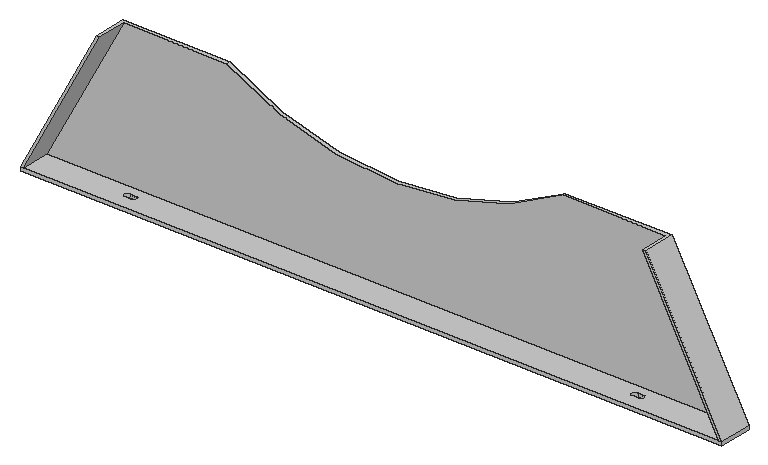
Revit family "О-ВО", category Арматура воздуховодов, Revit 2021
Family settings
  Размер круглого соединителя = Использовать диаметр
  Тип детали = Присоединяется
  На основе рабочей плоскости = Нет
  Всегда вертикально = Да
  При загрузке вырезать с полостями = Нет
  Общий = Нет
Parameters (values of type "О-ВО-1000")
  Отметка по умолчанию = 0 mm
  Вес = "7.2 кг"
  n = 4
  d = 8 mm
  a = 400 mm
  R4 = R3 - R2  # 130.556 mm
  R3 = R2 + H / 1.8  # 665.556 mm
  R2 = 535 mm
  R1 = 507 mm
  Maintenance zone material = none
  M1 = M - 5 mm  # 47 mm
  M = 52 mm
  Load Classification = "HVAC"
  H = 235 mm
  Grid Material = Cover Grid Cross
  Casing Material = Условный материал-отделка
  B1 = B - 10 mm  # 865 mm
  B = 875 mm
  A1 = A - 10 mm  # 1110 mm
  A = 1120 mm
  09_System_Name [instance] = ""
  00_20_Type = "О-ВО-1000"
  00_20_Name = "Опора"
  00_20_Manufacturer = "Вентс"  # constant formula
Types (12, lengths in mm): name | Вес | a | R4 | R3 | R2 | R1 | M1 | M | H | B1 | B | A1 | A | 00_20_Type
  (no name) | "7.2 кг" | 400 | 130.556 | 665.556 | 535 | 507 | 47 | 52 | 235 | 865 | 875 | 1110 | 1120 | "О-ВО-1000"
  О-ВО-400 | "1.15 кг" | 160 | 63.889 | 288.889 | 225 | 207 | 40 | 45 | 115 | 385 | 395 | 500 | 510 | "О-ВО-400"
  О-ВО-450 | "1.3 кг" | 180 | 69.444 | 319.444 | 250 | 232 | 40 | 45 | 125 | 425 | 435 | 550 | 560 | "О-ВО-450"
  О-ВО-500 | "1.4 кг" | 200 | 72.222 | 352.222 | 280 | 257 | 40 | 45 | 130 | 470 | 480 | 600 | 610 | "О-ВО-500"
  О-ВО-560 | "1.6 кг" | 230 | 77.778 | 387.778 | 310 | 287 | 40 | 45 | 140 | 515 | 525 | 660 | 670 | "О-ВО-560"
  О-ВО-630 | "1.8 кг" | 255 | 83.333 | 428.333 | 345 | 322 | 40 | 45 | 150 | 565 | 575 | 730 | 740 | "О-ВО-630"
  О-ВО-710 | "2 кг" | 280 | 88.889 | 473.889 | 385 | 362 | 40 | 45 | 160 | 620 | 630 | 810 | 820 | "О-ВО-710"
  О-ВО-800 | "2.35 кг" | 315 | 100 | 530 | 430 | 407 | 40 | 45 | 180 | 695 | 705 | 900 | 910 | "О-ВО-800"
  О-ВО-900 | "6.3 кг" | 360 | 119.444 | 604.444 | 485 | 457 | 47 | 52 | 215 | 785 | 795 | 1010 | 1020 | "О-ВО-900"
  О-ВО-1000 | "7.2 кг" | 400 | 130.556 | 665.556 | 535 | 507 | 47 | 52 | 235 | 865 | 875 | 1110 | 1120 | "О-ВО-1000"
  О-ВО-1120 | "9.1 кг" | 460 | 150 | 745 | 595 | 567 | 47 | 52 | 270 | 992 | 1002 | 1230 | 1240 | "О-ВО-1120"
  О-ВО-1250 | "10.25 кг" | 510 | 158.333 | 818.333 | 660 | 632 | 47 | 52 | 285 | 1077 | 1087 | 1360 | 1370 | "О-ВО-1250"
Reference planes
  plane 1 "По центру (Вперед/Назад)": y = 0
  plane 2: z = 0
  plane 3 "По центру (Влево/Вправо)": x = 0
Forms (mm)
  Extrusion 1, solid, material "Условный материал-отделка" <- "Casing Material"
    sketch origin (0, 0, 0) x (1, 0, 0) y (0, 1, 0)
      loop
        line (-560, 52) -> (-560, 0) -> (560, 0) -> (560, 52) -> (-560, 52)
    from 0 to 5
  Extrusion 2, solid, material "Условный материал-отделка" <- "Casing Material"
    sketch origin (0, 0, 0) x (1, 0, 0) y (0, 0, 1)
      loop
        line (-560, 5) -> (560, 5) -> (437.5, 235) -> (267.714, 235)
        arc (267.714, 235) -> (0, 158.556) -> (-267.714, 235) r 507
        line (-267.714, 235) -> (-437.5, 235) -> (-560, 5)
    from 0 to -52
  Extrusion 3, void
    sketch origin (0, 0, 0) x (1, 0, 0) y (0, 0, 1)
      loop
        line (-555, 5) -> (555, 5) -> (432.5, 235) -> (267.714, 235)
        arc (267.714, 235) -> (0, 158.556) -> (-267.714, 235) r 507
        line (-267.714, 235) -> (-432.5, 235) -> (-555, 5)
    from 0 to -47
  Extrusion 4, void
    sketch origin (0, 0, 0) x (1, 0, 0) y (0, 1, 0)
      loop
        arc (-409.99, 31) -> (-414.99, 26) -> (-409.99, 21) r 5
        line (-409.99, 21) -> (-400, 21)
        arc (-400, 21) -> (-395, 26) -> (-400, 31) r 5
        line (-400, 31) -> (-409.99, 31)
      loop
        line (409.99, 31) -> (400, 31)
        arc (400, 31) -> (395, 26) -> (400, 21) r 5
        line (400, 21) -> (409.99, 21)
        arc (409.99, 21) -> (414.99, 26) -> (409.99, 31) r 5
    from 5 to 0
Cuts and joins
  Extrusion 3 cuts Extrusion 2
  Extrusion 4 cuts Extrusion 1
Dimensions and locks
  equal spacing: Extrusion 1 sketch curve, plane 3 "По центру (Влево/Вправо)", Extrusion 1 sketch curve
  "A": Extrusion 1 sketch curve to Extrusion 1 sketch curve
  "M": Extrusion 1 sketch curve to Extrusion 1 sketch curve
  equal spacing: Extrusion 2 sketch curve, plane 3 "По центру (Влево/Вправо)", Extrusion 2 sketch curve  (x2)
  "B": Extrusion 2 sketch curve to Extrusion 2 sketch curve
  "A": Extrusion 2 sketch curve to Extrusion 2 sketch curve
  "R3": Extrusion 2 sketch curve to level
  "H": Extrusion 2 sketch curve to level  (x2)
  "M": plane 1 "По центру (Вперед/Назад)" to Extrusion 2
  "B1": Extrusion 3 sketch curve to Extrusion 3 sketch curve
  "A1": Extrusion 3 sketch curve to Extrusion 3 sketch curve
  equal spacing: Extrusion 3 sketch curve, plane 3 "По центру (Влево/Вправо)", Extrusion 3 sketch curve  (x2)
  "R3": Extrusion 3 sketch curve to level
  "H": Extrusion 3 sketch curve to level  (x2)
  "M1": plane 1 "По центру (Вперед/Назад)" to Extrusion 3
  equal spacing: Extrusion 1, Extrusion 4 sketch curve, cut or joined group of Extrusion 2, Extrusion 3
  "a": Extrusion 4 sketch curve to plane 3 "По центру (Влево/Вправо)"
  locked: Extrusion 4 sketch curve to Extrusion 4 sketch curve at 9.99  (x2)
  "a": plane 3 "По центру (Влево/Вправо)" to Extrusion 4 sketch curve
  equal spacing: plane 1 "По центру (Вперед/Назад)", Extrusion 4 sketch curve, cut or joined group of Extrusion 2, Extrusion 3
  "R1": radius of Extrusion 2 sketch curve
  "R1": radius of Extrusion 3 sketch curve
  aligned and locked: level to plane 2
  aligned and locked: plane 1 "По центру (Вперед/Назад)" to Extrusion 1
  aligned and locked: plane 1 "По центру (Вперед/Назад)" to Extrusion 2
  aligned and locked: plane 1 "По центру (Вперед/Назад)" to Extrusion 3
  aligned and locked: Extrusion 4 to level
  aligned and locked: Extrusion 1 to Extrusion 4
Automatic sketch dimensions
  plane 1 "По центру (Вперед/Назад)" to Extrusion 1 sketch curve = 0 mm
  Extrusion 2 sketch curve to plane 3 "По центру (Влево/Вправо)" = 0 mm
  level to Extrusion 2 sketch curve = 5 mm
  Extrusion 3 sketch curve to plane 3 "По центру (Влево/Вправо)" = 0 mm
  level to Extrusion 3 sketch curve = 5 mm
  Extrusion 4 sketch curve to Extrusion 4 sketch curve = 5 mm  (x2)
